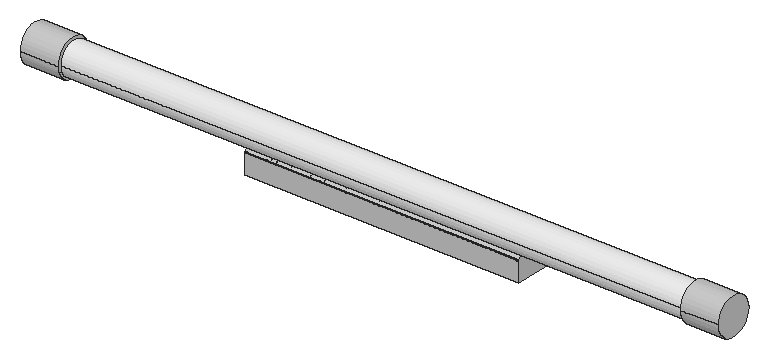
Revit family "2-5141-24 Zenith", category Lighting Fixtures, Revit 2014
Parameters
  Wattage = 8.90657 W
  built-in parameter 1150110 = 1 (stored number, unit not read)
  URL = "http://www.oxygenlighting.com"
  Type Comments = "Lighting - Fluorescent"
  built-in parameter 1114217 = 1 (stored number, unit not read)
  Tilt Angle = 90.00°
  built-in parameter 1150109 = 1 (stored number, unit not read)
  built-in parameter 1150134 = (empty or 0)
  built-in parameter 1150113 = 1 (stored number, unit not read)
  Product Documentation Link = "http://oxygenlighting.com.s3.amazonaws.com/downloads/cutsheets/2-5141-xx.pdf"
  Photometric Web File = "2-5141-24 Zenith 36 ITL77182.IES"
  Model = "2-5141-24"
  Metal Finish = Satin Nickel
  Manufacturer = "Oxygen Lighting"
  Lumens = 1323 lm
  built-in parameter 1150115 = 1 (stored number, unit not read)
  built-in parameter 1150105 = 1224.1 (stored number, unit not read)
  built-in parameter 1150137 = (empty or 0)
  built-in parameter 1150139 = (empty or 0)
  built-in parameter 1150112 = 1 (stored number, unit not read)
  Lamp Manufacturer = "Sylvania"
  built-in parameter 1150114 = 1 (stored number, unit not read)
  Lamp = "1x21W T-5 FP21/841/ECO linear fluorescent"
  Junction Box = "2\"x 3\" Junction Box"
  Input Voltage (VAC) = "120.0"
  Power Factor = "0.99"
  Input Power (Watts) = 23.2 W
  Input Current (Amps AC) = ""
  built-in parameter 1150132 = 2
  built-in parameter 1150102 = (empty or 0)
  built-in parameter 1150138 = (empty or 0)
  built-in parameter 1150107 = 3000 (stored number, unit not read)
  built-in parameter 1150106 = 12.241 (stored number, unit not read)
  Fixture Length = 2' - 11 5/8"
  Fixture Height = 0' - 3.06337"
  Fixture Depth = 0' - 3.14346"
  Emit from Rectangle Width = 2' - 0"
  Emit from Rectangle Length = 4' - 0"
  Emit Shape Visible in Rendering = no
  Efficacy (lm/W) = ""
  built-in parameter 1150104 = 13.8 (stored number, unit not read)
  Dimming Lamp Color Temperature Shift = <None>
  Diffuser = Acrylic- Matte White
  Description = "36\" Vanity - 1xT-5 linear fluorescent"
  Default Elevation = 4' - 0"
  Color Filter = 16777215
  Ballast Manufacturer = "Antron"
  built-in parameter 1114218 = 1 (stored number, unit not read)
  built-in parameter 1150133 = 10 (stored number, unit not read)
  Apparent Load = 23.2 VA
Reference planes (in)
  plane 1 "Light Source Axis (F/B)": y = 0
  plane 2: z = 0
  plane 3 "Light Source Axis (L/R)": x = 0
  plane 4 "Light Source Elevation": z = 3.14346
  plane 5: y = 1.14037
  plane 6: y = -1.14088
  plane 7: y = -1.92301
  plane 8: x = -17.8125
  plane 9: x = 17.8125
  plane 10: x = -7
  plane 11: x = 7
  plane 12: z = 3.14346
Forms (in)
  Extrusion 1, solid, material "Satin Nickel" <- "Metal Finish"
    sketch origin (0, 0, 0) x (0, 1, 0) y (0, 0, 1)
      loop
        line (1.14037, 0) -> (0.13584, 1.73988)
        arc (0.13584, 1.73988) -> (0.11687, 1.75444) -> (0.09316, 1.75132) r 0.03125
        line (0.09316, 1.75132) -> (-1.12526, 1.04787)
        arc (-1.12526, 1.04787) -> (-1.1367, 1.03643) -> (-1.14088, 1.02081) r 0.03125
        line (-1.14088, 1.02081) -> (-1.14088, 0) -> (1.14037, 0)
    from -7 to 7
  Extrusion 2, solid, material "Satin Nickel" <- "Metal Finish"
    sketch origin (0, 0, 0) x (0, 1, 0) y (0, 0, 1)
      loop
        circle (-0.97813, 2.19993) r 0.94488
    from 15.86368 to 17.8125
  Extrusion 3, solid, material "Satin Nickel" <- "Metal Finish"
    sketch origin (0, 0, 0) x (0, 1, 0) y (0, 0, -1)
      loop
        circle (-0.97813, -2.19993) r 0.94488
    from 15.86368 to 17.8125
  Extrusion 4, solid, material "Acrylic- Matte White" <- "Diffuser"
    sketch origin (0, 0, 0) x (0, 1, 0) y (0, 0, 1)
      loop
        circle (-0.97813, 2.19993) r 0.82677
      loop
        circle (-0.97813, 2.19993) r 0.71489
    from -15.86368 to 15.86368
  Extrusion 5, solid, material "Satin Nickel" <- "Metal Finish", not visible
    sketch origin (0, 0, 0) x (0, 1, 0) y (0, 0, 1)
      loop
        line (1.14037, 0) -> (0.13584, 1.73988)
        arc (0.13584, 1.73988) -> (0.11687, 1.75444) -> (0.09316, 1.75132) r 0.03125
        line (0.09316, 1.75132) -> (-1.12526, 1.04787)
        arc (-1.12526, 1.04787) -> (-1.1367, 1.03643) -> (-1.14088, 1.02081) r 0.03125
        line (-1.14088, 1.02081) -> (-1.14088, 0) -> (1.14037, 0)
    from -7 to 7
  Extrusion 6, solid, material "Satin Nickel" <- "Metal Finish", not visible
    sketch origin (0, 0, 0) x (0, 1, 0) y (0, 0, 1)
      loop
        circle (-0.97813, 2.19993) r 0.94488
    from 15.86368 to 17.8125
  Extrusion 7, solid, material "Satin Nickel" <- "Metal Finish", not visible
    sketch origin (0, 0, 0) x (0, 1, 0) y (0, 0, -1)
      loop
        circle (-0.97813, -2.19993) r 0.94488
    from 15.86368 to 17.8125
  Extrusion 8, solid, material "Acrylic- Matte White" <- "Diffuser", not visible
    sketch origin (0, 0, 0) x (0, 1, 0) y (0, 0, 1)
      loop
        circle (-0.97813, 2.19993) r 0.82677
      loop
        circle (-0.97813, 2.19993) r 0.71489
    from -15.86368 to 15.86368
Dimensions and locks (in)
  "Fixture Height": plane 5 to plane 7
  "Fixture Length": plane 8 to plane 9
  equal spacing: plane 8, plane 3 "Light Source Axis (L/R)", plane 9, locked at 17.8125 each
  "Fixture Depth": level to plane 12
  aligned and locked: plane 3 "Light Source Axis (L/R)" to imposter light
  aligned and locked: plane 1 "Light Source Axis (F/B)" to imposter light
  aligned and locked: plane 4 "Light Source Elevation" to imposter light
  aligned and locked: level to plane 2
Automatic sketch dimensions
  Extrusion 1 sketch curve to Extrusion 1 sketch curve = 0' - 0 1/64"  (x3)
  Extrusion 1 sketch curve to Extrusion 1 sketch curve = 0' - 0.02706"
  Extrusion 1 sketch curve to Extrusion 1 sketch curve = 0' - 0.70345"
  Extrusion 4 sketch curve to Extrusion 4 sketch curve = 0' - 0"  (x4)
  Extrusion 1 sketch curve to Extrusion 1 sketch curve = 0' - 0 1/32"
  Extrusion 1 sketch curve to Extrusion 1 sketch curve = 0' - 1.21841"
  Extrusion 1 sketch curve to Extrusion 1 sketch curve = 0' - 1.00452"
  Extrusion 1 sketch curve to Extrusion 1 sketch curve = 0' - 1.02081"
  Extrusion 5 sketch curve to Extrusion 5 sketch curve = 0' - 0 1/64"  (x3)
  Extrusion 5 sketch curve to Extrusion 5 sketch curve = 0' - 0.02706"
  Extrusion 5 sketch curve to Extrusion 5 sketch curve = 0' - 0.70345"
  Extrusion 8 sketch curve to Extrusion 8 sketch curve = 0' - 0"  (x4)
  Extrusion 5 sketch curve to Extrusion 5 sketch curve = 0' - 0 1/32"
  Extrusion 5 sketch curve to Extrusion 5 sketch curve = 0' - 1.21841"
  Extrusion 5 sketch curve to Extrusion 5 sketch curve = 0' - 1.00452"
  Extrusion 5 sketch curve to Extrusion 5 sketch curve = 0' - 1.02081"
  radius of Extrusion 2 sketch curve = 0' - 0.94488"
  radius of Extrusion 3 sketch curve = 0' - 0.94488"
  radius of Extrusion 4 sketch curve = 0' - 0.82677"
  radius of Extrusion 4 sketch curve = 0' - 0.71489"
  radius of Extrusion 6 sketch curve = 0' - 0.94488"
  radius of Extrusion 7 sketch curve = 0' - 0.94488"
  radius of Extrusion 8 sketch curve = 0' - 0.82677"
  radius of Extrusion 8 sketch curve = 0' - 0.71489"
